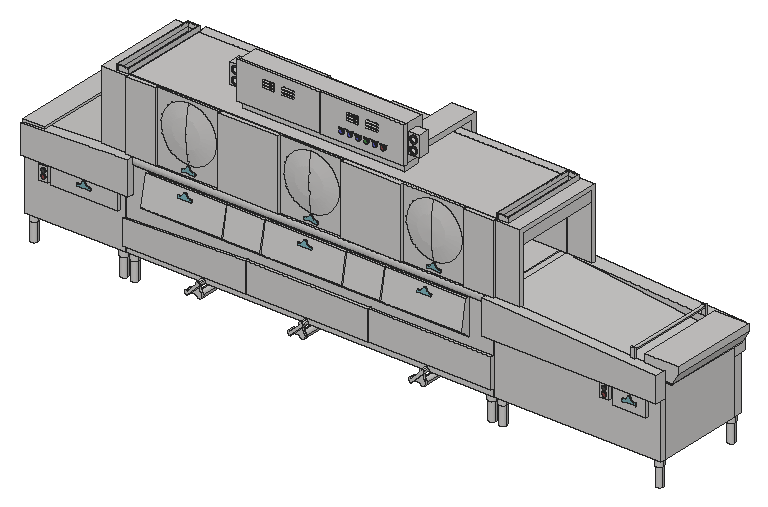
Revit family
Parameters (values of type "480/60/3")
  Weight in Pounds = 0
  Watts = 50000 W
  Waste Water Discharge Temperature [instance] = -459.67 °F
  Volts = 480 V
  Ventilation Remarks [instance] = ""
  Unload Ventilation Remarks [instance] = ""
  Unload Section Width [instance] = if(Custom Unload Width > 5' 0", Custom Unload Width, 5' 0")  # 5' - 0"
  Unload Removable Cover [instance] = yes
  Unload Exhaust Volume = 1000 CFM
  Unload Exhaust Vent Width = 0' - 4"
  Unload Exhaust Vent Depth = 2' - 7 1/4"
  Unload Exhaust Static Press [instance] = 0.00 in-wg
  Unload Exhaust RI Height [instance] = 0' - 0"
  Unload Exhaust Item Number [instance] = "-"
  Unload End Drain [instance] = no
  URL Cutsheet = ""
  URL = "www.stero.com"
  Swing Doors [instance] = no
  Status [instance] = ""
  Standard Doors [instance] = not(Swing Doors)  # yes
  Specification by User [instance] = ""
  Specification by Manufacturer [instance] = ""
  Serial Number [instance] = ""
  Seismic Rating [instance] = ""
  Revision Code [instance] = ""
  Power Wash Width = 3' - 8"
  Power Wash Door [instance] = if(Swing Doors, 3' 0", 1' 10 1/2")  # 1' - 10 1/2"
  Power Scrapper Width = 3' - 8"
  Power Scrapper Door [instance] = if(Swing Doors, 3' 0", 1' 10 1/2")  # 1' - 10 1/2"
  Power Rinse Door [instance] = if(Swing Doors, 3' 0", 1' 10 1/2")  # 1' - 10 1/2"
  Plumbing Remarks [instance] = ""
  Plumbing Connection Type [instance] = ""
  Phase = 3
  ONOFF Switch [instance] = if([30 inch Load], 0' 0", 0' 6")  # 0' - 6"
  Number of Poles [instance] = 3
  No Booster Heater [instance] = not(Booster Heater)  # yes
  NAFEM Spec ID Number [instance] = ""
  Model = "STPCW-ER 132E"
  Masterspec [instance] = ""
  Manufacturer = "Stero"
  Load Section Width [instance] = if([30 inch Load], 2' 6 1/8", if([36 inch Load], 3' 0 1/8", if([48 inch Load], 4' 0 1/8", (Custom Load Width + 0' 0 1/8"))))  # 3' - 0 1/8"
  Load End Drain [instance] = not(Unload End Drain)  # yes
  Item Number [instance] = "-"
  Installed By [instance] = ""
  Indirect Waste Size = 2"
  Indirect Waste Flow [instance] = 0.00 GPM
  Indirect Waste Connection Type [instance] = ""
  Indirect Waste Connection Height = 0' - 7"
  Hot Water Temperature = 140 °F
  Hot Water Size = 1"
  Hot Water RI Height [instance] = 0' - 0"
  Hot Water Minimum Pressure = 20.00 psi
  Hot Water Maximum Pressure = 20.00 psi
  Hot Water Flow [instance] = 0.00 GPM
  Hot Water Consumption = 1.63 GPM
  Hot Water Connection Height = 0' - 6"
  HP = "9"
  Furnished By [instance] = ""
  Foodservice Equipment Identifier [instance] = yes
  Final Rinse Width = 3' - 8"
  Feeder Line 3 = no
  Feeder Line 2 = no
  FL Amps = 77.3 A
  F3 Watts = 0 W
  F3 Volts = 480 V
  F3 Phase = 3
  F3 Number of Poles [instance] = 3
  F3 Item Number [instance] = "-"
  F3 FL Amps = 0 A
  F3 Electrical Remarks [instance] = ""
  F3 Electric Connection Type [instance] = ""
  F3 Elec Conn RI Height [instance] = 0' - 0"
  F3 Elec Conn Connection Height = Elec Conn Connection Height  # 6' - 6"
  F3 Cycle = Cycle  # 60 Hz
  F3 Conn Conduit = yes
  F3 Apparent Power = if(F3 Phase = 3, F3 Volts * F3 FL Amps * 1.73, F3 Volts * F3 FL Amps)  # 0 VA
  F2 Watts = 0 W
  F2 Volts = 480 V
  F2 Phase = 3
  F2 Number of Poles [instance] = 3
  F2 Item Number [instance] = "-"
  F2 FL Amps = 0 A
  F2 Electrical Remarks [instance] = ""
  F2 Electric Connection Type [instance] = ""
  F2 Elec Conn RI Height [instance] = 0' - 0"
  F2 Elec Conn Connection Height = Elec Conn Connection Height  # 6' - 6"
  F2 Cycle = Cycle  # 60 Hz
  F2 Conn Conduit = yes
  F2 Apparent Power = if(F2 Phase = 3, F2 Volts * F2 FL Amps * 1.73, F2 Volts * F2 FL Amps)  # 0 VA
  Exhaust Volume = 500 CFM
  Exhaust Vent Width = 0' - 4"
  Exhaust Vent Depth = 2' - 7 1/4"
  Exhaust Static Press [instance] = 0.00 in-wg
  Exhaust RI Height [instance] = 0' - 0"
  Electrical Remarks [instance] = ""
  Electric Connection Type [instance] = ""
  Elec Conn RI Height [instance] = 0' - 0"
  Elec Conn Connection Height = 6' - 6"
  Description = "Flight Type Dishwasher"
  Depth = 3' - 6"
  Cycle = 60 Hz
  Custom Unload Width [instance] = 5' - 0"
  Custom Load Width [instance] = 4' - 6"
  Conn Conduit = yes
  Cold Water Temperature Recommended [instance] = -459.67 °F
  Cold Water Size [instance] = if(Cold Water Aqua Stat, 0' 0 3/4", 0' 0")  # 0"
  Cold Water RI Height [instance] = 0' - 0"
  Cold Water Minimum Pressure [instance] = 0.00 psi
  Cold Water Maximum Pressure [instance] = 0.00 psi
  Cold Water Flow [instance] = 0.00 GPM
  Cold Water Consumption [instance] = ""
  Cold Water Connection Height [instance] = if(Cold Water Aqua Stat, 0' 6", 0' 0")  # 0' - 0"
  Cold Water Aqua Stat [instance] = no
  CSI MasterFormat = "11 48 13"
  Booster Watts = 24000 W
  Booster Volts = 480 V
  Booster Phase = 3
  Booster Number of Poles [instance] = 3
  Booster Item Number [instance] = "-"
  Booster Heater [instance] = no
  Booster FL Amps = 28.9 A
  Booster Electrical Remarks [instance] = ""
  Booster Electric Connection Type [instance] = ""
  Booster Elec Conn RI Height [instance] = 0' - 0"
  Booster Elec Conn Connection Height = 0' - 11"
  Booster Cycle = 60 Hz
  Booster Conn Conduit = yes
  Booster Apparent Power = if(Booster Phase = 3, Booster Volts * Booster FL Amps * 1.73, Booster Volts * Booster FL Amps)  # 23998.6 VA
  Boosted Plumbing Remarks [instance] = ""
  Boosted Hot Water Temperature = 180 °F
  Boosted Hot Water Size = 3/4"
  Boosted Hot Water RI Height [instance] = 0' - 0"
  Boosted Hot Water Minimum Pressure = 20.00 psi
  Boosted Hot Water Maximum Pressure = 20.00 psi
  Boosted Hot Water Flow [instance] = 0.00 GPM
  Boosted Hot Water Consumption = 1.63 GPM
  Boosted Hot Water Connection Height = 0' - 6"
  Boosted HW Item Number [instance] = "-"
  Assembly Code = "E1090320"
  Apparent Power = if(Phase = 3, Volts * FL Amps * 1.73, Volts * FL Amps)  # 64189.9 VA
  48 inch Load [instance] = no
  36 inch Load [instance] = yes
  30 inch Load [instance] = no
Reference planes (in)
  plane 1 "BACK": y = 0
  plane 2: z = 0
  plane 3 "LEFT": x = -21.27862
  plane 4 "RIGHT": x = 110.72138
  plane 5 "FRONT": y = -42
  plane 6 "Right of Power Scrapper": x = 22.72138
  plane 7 "Right of Power Wash": x = 66.72138
  plane 8 "Load Vent": x = -30.27862
  plane 9 "Unload Vent": x = 119.72138
  plane 10 "Top of Machine": z = 65.5
  plane 11 "Table Height": z = 34
  plane 12 "Bottom of Machine": z = 9
  plane 13 "Middle of Machine": z = 40.625
  plane 14 "Left of Bottom": x = -18.77862
  plane 15 "Right of Bottom": x = 108.22138
  plane 16: z = 38.125
  plane 17: z = 37.75
  plane 18: z = 24.5
  plane 19: z = 22.25
  plane 20: z = 11.5
  plane 21 "Back of Main Body": y = -3
  plane 22 "Front of Main Body": y = -39
  plane 23: x = 0.72138
  plane 24: x = 44.72138
  plane 25: x = 88.72138
  plane 26: x = 33.47138
  plane 27: x = 55.97138
  plane 28: x = 77.47138
  plane 29: x = 99.97138
  plane 30 "Front of Inside": y = -37.25
  plane 31 "Back of Inside": y = -6
  plane 32: x = 23.22138
  plane 33: x = 45.72138
  plane 34: x = -13.27862
  plane 35: x = 15.72138
  plane 36: x = 29.72138
  plane 37: x = 58.72138
  plane 38: x = 15.97138
  plane 39: x = 29.47138
  plane 40: x = 58.97138
  plane 41: x = 22.59638
  plane 42: x = 22.84638
  plane 43: x = 66.59638
  plane 44: x = 66.84638
  plane 45: z = 60.25
  plane 46: z = 67.25
  plane 47: x = -21.40362
  plane 48: x = -25.40362
  plane 49: x = 114.84638
  plane 50: x = 110.84638
  plane 51: x = -57.40362
  plane 52: x = -59.90362
  plane 53: x = -58.40362
  plane 54: x = -49.40362
  plane 55: z = 28.5
  plane 56: z = 28
  plane 57: z = 22
  plane 58: x = -47.40362
  plane 59: x = -23.40362
  plane 60: x = -48.40362
  plane 61: x = -51.40362
  plane 62: x = 170.72138
  plane 63: x = 171.72138
  plane 64: x = 173.22138
  plane 65: x = 175.72138
  plane 66: x = 163.72138
  plane 67: x = 159.72138
  plane 68: x = 166.22138
  plane 69: x = 154.22138
  plane 70: x = 152.72138
  plane 71: x = 149.72138
  plane 72: y = -32.5
  plane 73: y = -26.5
  plane 74: x = 15.72138
  plane 75: x = 73.72138
  plane 76: z = 68.5
  plane 77: z = 71.375
  plane 78: z = 78.625
  plane 79: z = 81.5
  plane 80: x = 44.72138
  plane 81: x = 44.59638
  plane 82: x = 44.84638
  plane 83: x = 14.72138
  plane 84: x = 74.72138
  plane 85: x = 78.72138
  plane 86: x = 10.72138
  plane 87 "Back of Elec Box": y = -26
  plane 88: y = -33
  plane 89 "Front of Panel": y = -34
  plane 90: z = 68.25
  plane 91: z = 81.25
  plane 92: x = 14.97138
  plane 93 "Right of Control Box": x = 74.47138
  plane 94 "Front of LR Panels": y = -32.25
  plane 95: y = -28.25
  plane 96 "Drain": z = 7
  plane 97 "Left Drain": x = -39.90362
  plane 98 "Right Drain": x = 163.72138
  plane 99 "Drain CL": y = -20.25
  plane 100 "Utilities": z = 6
  plane 101 "Cold Water": x = -31.27862
  plane 102 "Utility to Machine": y = -16.75
  plane 103 "Utilities Point of Connection": y = -8.5
  plane 104 "Building Hot Water": x = 146.72138
  plane 105: x = 33.72138
  plane 106: x = 44.65888
  plane 107: x = 44.78388
  plane 108: x = 55.72138
  plane 109: x = 46.15888
  plane 110: x = 43.28388
  plane 111: x = 77.72138
  plane 112: x = 88.65888
  plane 113: x = 88.78388
  plane 114: x = 99.72138
  plane 115: x = 90.15888
  plane 116: x = 87.28388
  plane 117 "Standard Door Clearance": z = 93.5
  plane 118: x = 134.72138
  plane 119: x = -10.52862
  plane 120: x = 11.97138
  plane 121: x = -10.27862
  plane 122: x = 0.65888
  plane 123: x = 0.78388
  plane 124: x = 11.72138
  plane 125: x = 2.15888
  plane 126: x = -0.71612
  plane 127: x = 15.97138
  plane 128: x = 72.72138
  plane 129: x = 101.72138
  plane 130: x = 72.47138
Forms (in)
  Extrusion 1, solid, material "QF_Finishes_Stainless Steel"
    sketch origin (0, -39, 0) x (1, 0, 0) y (0, 0, 1)
      loop
        line (-21.27862, 9) -> (110.72138, 9) -> (110.72138, 28.5) -> (108.22138, 28.5) -> (108.22138, 38.125) -> (-18.77862, 38.125) -> (-18.77862, 28.5) -> (-21.27862, 28.5) -> (-21.27862, 9)
    from 0 to -36
  Extrusion 2, solid, material "QF_Finishes_Stainless Steel"
    sketch origin (-18.77862, 0, 0) x (0, 1, 0) y (0, 0, 1)
      loop
        line (-3, 40.625) -> (-39, 40.625)
        arc (-39, 40.625) -> (-39.43875, 39.375) -> (-39, 38.125) r 2
        line (-39, 38.125) -> (-3, 38.125) -> (-3, 40.625)
    from 0 to 127
  Extrusion 3, solid, material "QF_Finishes_Stainless Steel"
    sketch origin (0, 0, 65.5) x (0, 1, 0) y (-1, 0, 0)
      loop
        line (-37.25, 21.27862) -> (-39, 21.27862) -> (-39, 10.52862) -> (-37.25, 10.52862) -> (-37.25, 21.27862)
    from 0 to -24.875
  Extrusion 4, solid, material "QF_Finishes_Stainless Steel"
    sketch origin (0, 0, 65.5) x (0, 1, 0) y (-1, 0, 0)
      loop
        line (-37.25, -11.97138) -> (-39, -11.97138) -> (-39, -33.47138) -> (-37.25, -33.47138) -> (-37.25, -11.97138)
    from 0 to -24.875
  Extrusion 5, solid, material "QF_Finishes_Stainless Steel"
    sketch origin (0, 0, 65.5) x (0, 1, 0) y (-1, 0, 0)
      loop
        line (-37.25, -55.97138) -> (-39, -55.97138) -> (-39, -77.47138) -> (-37.25, -77.47138) -> (-37.25, -55.97138)
    from 0 to -24.875
  Extrusion 6, solid, material "QF_Finishes_Stainless Steel"
    sketch origin (0, 0, 65.5) x (0, 1, 0) y (-1, 0, 0)
      loop
        line (-37.25, -99.97138) -> (-39, -99.97138) -> (-39, -110.72138) -> (-37.25, -110.72138) -> (-37.25, -99.97138)
    from 0 to -24.875
  Extrusion 7, solid, material "QF_Finishes_Stainless Steel"
    sketch origin (0, 0, 65.5) x (0, 1, 0) y (-1, 0, 0)
      loop
        line (-3, 21.27862) -> (-6, 21.27862) -> (-6, -23.22138) -> (-3, -23.22138) -> (-3, 21.27862)
    from 0 to -24.875
  Extrusion 8, solid, material "QF_Finishes_Stainless Steel"
    sketch origin (0, 0, 65.5) x (0, 1, 0) y (-1, 0, 0)
      loop
        line (-3, -45.72138) -> (-6, -45.72138) -> (-6, -110.72138) -> (-3, -110.72138) -> (-3, -45.72138)
    from 0 to -24.875
  Extrusion 9, solid, material "QF_Finishes_Stainless Steel"
    sketch origin (0, 0, 65.5) x (0, 1, 0) y (-1, 0, 0)
      loop
        line (-37.25, -33.47138) -> (-38.25, -33.47138) -> (-38.25, -55.97138) -> (-37.25, -55.97138) -> (-37.25, -33.47138)
    from 0 to -24.875
  Extrusion 10, solid, material "QF_Finishes_Stainless Steel"
    sketch origin (0, 0, 65.5) x (0, 1, 0) y (-1, 0, 0)
      loop
        line (-37.25, -77.47138) -> (-38.25, -77.47138) -> (-38.25, -99.97138) -> (-37.25, -99.97138) -> (-37.25, -77.47138)
    from 0 to -24.875
  Extrusion 11, solid, material "QF_Finishes_Stainless Steel"
    sketch origin (0, 0, 65.5) x (0, 1, 0) y (-1, 0, 0)
      loop
        line (-4, -23.22138) -> (-6, -23.22138) -> (-6, -45.72138) -> (-4, -45.72138) -> (-4, -23.22138)
    from 0 to -24.875
  Revolve 12, solid, material "QF_Finishes_Stainless Steel", visible <- "Standard Doors"
    sketch origin (44.72138, 87.64484, 48) x (0, 1, 0) y (0, 0, 1)
      loop
        line (-125.89484, 6.49826) -> (-125.89484, 16.49826)
        arc (-125.89484, 16.49826) -> (-126.65727, 11.52451) -> (-126.89484, 6.49826) r 48
        line (-126.89484, 6.49826) -> (-125.89484, 6.49826)
      axis (-125.89484, 6.49826) -> (-126.89484, 6.49826)
    angle from 0 to 360
  Revolve 13, solid, material "QF_Finishes_Stainless Steel", visible <- "Standard Doors"
    sketch origin (88.72138, 53.39484, 48) x (0, 1, 0) y (0, 0, 1)
      loop
        line (-91.64484, 6.49826) -> (-91.64484, 16.49826)
        arc (-91.64484, 16.49826) -> (-92.40727, 11.52451) -> (-92.64484, 6.49826) r 48
        line (-92.64484, 6.49826) -> (-91.64484, 6.49826)
      axis (-91.64484, 6.49826) -> (-92.64484, 6.49826)
    angle from 0 to 360
  Revolve 14, solid, material "QF_Finishes_Stainless Steel", visible <- "Standard Doors"
    sketch origin (34.47138, -129.89484, 48) x (0, -1, 0) y (0, 0, -1)
      loop
        line (-125.89484, -6.49826) -> (-126.89484, -6.49826)
        arc (-126.89484, -6.49826) -> (-126.65727, -11.52451) -> (-125.89484, -16.49826) r 48
        line (-125.89484, -16.49826) -> (-125.89484, -6.49826)
      axis (-125.89484, -6.49826) -> (-126.89484, -6.49826)
    angle from 0 to 360
  Extrusion 15, solid, material "QF_Finishes_Stainless Steel"
    sketch origin (-18.77862, 0, 0) x (0, 1, 0) y (0, 0, 1)
      loop
        line (-39, 37.75) -> (-40, 37.75) -> (-42, 27.5) -> (-39, 25.1875) -> (-39, 37.75)
    from 5.5 to 34.5
  Extrusion 16, solid, material "QF_Finishes_Stainless Steel"
    sketch origin (10.47138, 0, 0) x (0, 1, 0) y (0, 0, 1)
      loop
        line (-39, 37.75) -> (-40, 37.75) -> (-42, 27.5) -> (-39, 25.1875) -> (-39, 37.75)
    from 5.5 to 19
  Extrusion 17, solid, material "QF_Finishes_Stainless Steel"
    sketch origin (15.22138, 0, 0) x (0, 1, 0) y (0, 0, 1)
      loop
        line (-39, 37.75) -> (-40, 37.75) -> (-42, 27.5) -> (-39, 25.1875) -> (-39, 37.75)
    from 14.5 to 43.5
  Extrusion 18, solid, material "QF_Finishes_Stainless Steel"
    sketch origin (39.47138, 0, 0) x (0, 1, 0) y (0, 0, 1)
      loop
        line (-39, 37.75) -> (-40, 37.75) -> (-42, 27.5) -> (-39, 25.1875) -> (-39, 37.75)
    from 19.5 to 33
  Extrusion 19, solid, material "QF_Finishes_Stainless Steel"
    sketch origin (44.47138, 0, 0) x (0, 1, 0) y (0, 0, 1)
      loop
        line (-39, 37.75) -> (-40, 37.75) -> (-42, 27.5) -> (-39, 25.1875) -> (-39, 37.75)
    from 28.25 to 57.25
  Extrusion 20, solid, material "QF_Finishes_Stainless Steel"
    sketch origin (0, -39, 0) x (1, 0, 0) y (0, 0, 1)
      loop
        line (-21.27862, 11.5) -> (22.59638, 11.5) -> (22.59638, 22.25) -> (-21.27862, 20.375) -> (-21.27862, 11.5)
    from 0 to 1
  Extrusion 21, solid, material "QF_Finishes_Stainless Steel"
    sketch origin (0, -39, 0) x (1, 0, 0) y (0, 0, 1)
      loop
        line (22.84638, 22.25) -> (22.84638, 11.5) -> (66.59638, 11.5) -> (66.59638, 22.25) -> (22.84638, 22.25)
    from 0 to 1
  Extrusion 22, solid, material "QF_Finishes_Stainless Steel"
    sketch origin (0, -39, 0) x (1, 0, 0) y (0, 0, 1)
      loop
        line (66.84638, 22.25) -> (66.84638, 11.5) -> (110.72138, 11.5) -> (110.72138, 22.25) -> (66.84638, 22.25)
    from 0 to 1
  Extrusion 23, solid, material "QF_Finishes_Stainless Steel"
    sketch origin (0, 0, 65.5) x (0, 1, 0) y (-1, 0, 0)
      loop
        line (-6, 21.27862) -> (-37.25, 21.27862) -> (-37.25, -110.72138) -> (-6, -110.72138) -> (-6, 21.27862)
    from 0 to -5.25
  Extrusion 24, solid, material "QF_Finishes_Stainless Steel"
    sketch origin (-21.27862, 0, 0) x (0, 1, 0) y (0, 0, 1)
      loop
        line (-5, 65.5) -> (-38.25, 65.5) -> (-38.25, 40.625) -> (-37.25, 40.625) -> (-37.25, 64.125) -> (-6, 64.125) -> (-6, 40.625) -> (-5, 40.625) -> (-5, 65.5)
    from 0 to -9
  Extrusion 25, solid, material "QF_Finishes_Stainless Steel"
    sketch origin (0, 0, 65.5) x (0, 1, 0) y (-1, 0, 0)
      loop
        line (-6, 25.40362) -> (-37.25, 25.40362) -> (-37.25, 21.40362) -> (-6, 21.40362) -> (-6, 25.40362)
      loop
        line (-5.875, 25.52862) -> (-37.375, 25.52862) -> (-37.375, 21.27862) -> (-5.875, 21.27862) -> (-5.875, 25.52862)
    from 0 to 1.75
  Extrusion 26, solid, material "QF_Finishes_Stainless Steel"
    sketch origin (-30.27862, 0, 0) x (0, 1, 0) y (0, 0, 1)
      loop
        line (-6, 64.125) -> (-37.25, 64.125) -> (-37.25, 60.25) -> (-6, 60.25) -> (-6, 64.125)
    from 0 to 1
  Extrusion 27, void
    sketch origin (0, 0, 65.5) x (0, 1, 0) y (-1, 0, 0)
      loop
        line (-6, 25.40362) -> (-37.25, 25.40362) -> (-37.25, 21.40362) -> (-6, 21.40362) -> (-6, 25.40362)
    from 0 to -1.375
  Extrusion 28, solid, material "QF_Finishes_Stainless Steel"
    sketch origin (110.72138, 0, 0) x (0, 1, 0) y (0, 0, 1)
      loop
        line (-5, 40.625) -> (-5, 65.5) -> (-38.25, 65.5) -> (-38.25, 40.625) -> (-37.25, 40.625) -> (-37.25, 64.125) -> (-6, 64.125) -> (-6, 40.625) -> (-5, 40.625)
    from 0 to 9
  Extrusion 29, solid, material "QF_Finishes_Stainless Steel"
    sketch origin (53.44275, 0, 65.5) x (0, 1, 0) y (-1, 0, 0)
      loop
        line (-6, -61.40362) -> (-6, -57.40362) -> (-37.25, -57.40362) -> (-37.25, -61.40362) -> (-6, -61.40362)
      loop
        line (-5.875, -61.52862) -> (-5.875, -57.27862) -> (-37.375, -57.27862) -> (-37.375, -61.52862) -> (-5.875, -61.52862)
    from 0 to 1.75
  Extrusion 30, solid, material "QF_Finishes_Stainless Steel"
    sketch origin (119.72138, 0, 0) x (0, 1, 0) y (0, 0, 1)
      loop
        line (-6, 64.125) -> (-37.25, 64.125) -> (-37.25, 60.25) -> (-6, 60.25) -> (-6, 64.125)
    from 0 to -1
  Extrusion 31, void
    sketch origin (0, 0, 65.5) x (0, 1, 0) y (-1, 0, 0)
      loop
        line (-37.25, -114.84638) -> (-6, -114.84638) -> (-6, -110.84638) -> (-37.25, -110.84638) -> (-37.25, -114.84638)
    from 0 to -1.375
  Extrusion 32, solid, material "QF_Finishes_Light Blue", visible <- "Standard Doors"
    sketch origin (4.39366, -38.75, 10.99826) x (-1, 0, 0) y (0, 0, 1)
      loop
        line (-39.71645, 30.65632) -> (-38.08461, 30.57309)
        arc (-38.08461, 30.57309) -> (-37.90443, 30.64773) -> (-37.82979, 30.82792) r 0.25483
        line (-37.82979, 30.82792) -> (-37.82979, 31.31285)
        arc (-37.82979, 31.31285) -> (-37.90343, 31.49062) -> (-38.08121, 31.56426) r 0.25142
        arc (-38.08121, 31.56426) -> (-39.22593, 31.7803) -> (-39.90311, 32.72819) r 1.56264
        arc (-39.90311, 32.72819) -> (-40.31726, 33.06213) -> (-40.74741, 32.74907) r 0.43733
        arc (-40.74741, 32.74907) -> (-41.42049, 31.78611) -> (-42.57423, 31.56426) r 1.56264
        arc (-42.57423, 31.56426) -> (-42.75201, 31.49062) -> (-42.82565, 31.31285) r 0.25142
        line (-42.82565, 31.31285) -> (-42.82565, 30.82792)
        arc (-42.82565, 30.82792) -> (-42.75101, 30.64773) -> (-42.57082, 30.57309) r 0.25483
        line (-42.57082, 30.57309) -> (-40.93898, 30.65632)
        arc (-40.93898, 30.65632) -> (-40.32772, 30.6719) -> (-39.71645, 30.65632) r 12
    from 0.5 to 0.4375
  Extrusion 33, solid, material "QF_Finishes_Light Blue"
    sketch origin (45.64366, -47.17361, 4.34597) x (-1, 0, 0) y (0, 0.195946, 0.980615)
      loop
        line (-40.97691, 30.65632) -> (-39.34507, 30.57309)
        arc (-39.34507, 30.57309) -> (-39.16488, 30.64773) -> (-39.09025, 30.82792) r 0.25483
        line (-39.09025, 30.82792) -> (-39.09025, 31.31285)
        arc (-39.09025, 31.31285) -> (-39.16389, 31.49062) -> (-39.34166, 31.56426) r 0.25142
        arc (-39.34166, 31.56426) -> (-40.48639, 31.7803) -> (-41.16357, 32.72819) r 1.56264
        arc (-41.16357, 32.72819) -> (-41.57772, 33.06213) -> (-42.00787, 32.74907) r 0.43733
        arc (-42.00787, 32.74907) -> (-42.68095, 31.78611) -> (-43.83469, 31.56426) r 1.56264
        arc (-43.83469, 31.56426) -> (-44.01247, 31.49062) -> (-44.08611, 31.31285) r 0.25142
        line (-44.08611, 31.31285) -> (-44.08611, 30.82792)
        arc (-44.08611, 30.82792) -> (-44.01147, 30.64773) -> (-43.83128, 30.57309) r 0.25483
        line (-43.83128, 30.57309) -> (-42.19944, 30.65632)
        arc (-42.19944, 30.65632) -> (-41.58818, 30.6719) -> (-40.97691, 30.65632) r 12
      loop
        line (2.0339, 30.65632) -> (3.66574, 30.57309)
        arc (3.66574, 30.57309) -> (3.84592, 30.64773) -> (3.92056, 30.82792) r 0.25483
        line (3.92056, 30.82792) -> (3.92056, 31.31285)
        arc (3.92056, 31.31285) -> (3.84692, 31.49062) -> (3.66915, 31.56426) r 0.25142
        arc (3.66915, 31.56426) -> (2.52442, 31.7803) -> (1.84724, 32.72819) r 1.56264
        arc (1.84724, 32.72819) -> (1.43309, 33.06213) -> (1.00294, 32.74907) r 0.43733
        arc (1.00294, 32.74907) -> (0.32986, 31.78611) -> (-0.82388, 31.56426) r 1.56264
        arc (-0.82388, 31.56426) -> (-1.00166, 31.49062) -> (-1.0753, 31.31285) r 0.25142
        line (-1.0753, 31.31285) -> (-1.0753, 30.82792)
        arc (-1.0753, 30.82792) -> (-1.00066, 30.64773) -> (-0.82047, 30.57309) r 0.25483
        line (-0.82047, 30.57309) -> (0.81137, 30.65632)
        arc (0.81137, 30.65632) -> (1.42263, 30.6719) -> (2.0339, 30.65632) r 12
      loop
        line (45.02309, 30.65632) -> (46.65493, 30.57309)
        arc (46.65493, 30.57309) -> (46.83512, 30.64773) -> (46.90975, 30.82792) r 0.25483
        line (46.90975, 30.82792) -> (46.90975, 31.31285)
        arc (46.90975, 31.31285) -> (46.83611, 31.49062) -> (46.65834, 31.56426) r 0.25142
        arc (46.65834, 31.56426) -> (45.51361, 31.7803) -> (44.83643, 32.72819) r 1.56264
        arc (44.83643, 32.72819) -> (44.42228, 33.06213) -> (43.99213, 32.74907) r 0.43733
        arc (43.99213, 32.74907) -> (43.31905, 31.78611) -> (42.16531, 31.56426) r 1.56264
        arc (42.16531, 31.56426) -> (41.98753, 31.49062) -> (41.91389, 31.31285) r 0.25142
        line (41.91389, 31.31285) -> (41.91389, 30.82792)
        arc (41.91389, 30.82792) -> (41.98853, 30.64773) -> (42.16872, 30.57309) r 0.25483
        line (42.16872, 30.57309) -> (43.80056, 30.65632)
        arc (43.80056, 30.65632) -> (44.41182, 30.6719) -> (45.02309, 30.65632) r 12
    from 0.5 to 0.4375
  Extrusion 34, solid, material "QF_Finishes_Stainless Steel", not visible
    sketch origin (-23.77862, 0, 0) x (0, 1, 0) y (0, 0, 1)
      loop
        line (-39, 37.75) -> (-40, 37.75) -> (-42, 27.5) -> (-39, 25.1875) -> (-39, 37.75)
    from 5.5 to 34.5
  Extrusion 35, solid, material "QF_Finishes_Stainless Steel", not visible
    sketch origin (5.47138, 0, 0) x (0, 1, 0) y (0, 0, 1)
      loop
        line (-39, 37.75) -> (-40, 37.75) -> (-42, 27.5) -> (-39, 25.1875) -> (-39, 37.75)
    from 5.5 to 19
  Extrusion 36, solid, material "QF_Finishes_Stainless Steel", not visible
    sketch origin (10.22138, 0, 0) x (0, 1, 0) y (0, 0, 1)
      loop
        line (-39, 37.75) -> (-40, 37.75) -> (-42, 27.5) -> (-39, 25.1875) -> (-39, 37.75)
    from 14.5 to 43.5
  Extrusion 37, solid, material "QF_Finishes_Stainless Steel", not visible
    sketch origin (34.47138, 0, 0) x (0, 1, 0) y (0, 0, 1)
      loop
        line (-39, 37.75) -> (-40, 37.75) -> (-42, 27.5) -> (-39, 25.1875) -> (-39, 37.75)
    from 19.5 to 33
  Extrusion 38, solid, material "QF_Finishes_Stainless Steel", not visible
    sketch origin (39.47138, 0, 0) x (0, 1, 0) y (0, 0, 1)
      loop
        line (-39, 37.75) -> (-40, 37.75) -> (-42, 27.5) -> (-39, 25.1875) -> (-39, 37.75)
    from 28.25 to 57.25
  Extrusion 39, solid, material "QF_Finishes_Light Blue", not visible
    sketch origin (40.64366, -47.17361, 4.34597) x (-1, 0, 0) y (0, 0.195946, 0.980615)
      loop
        line (-40.97691, 30.65632) -> (-39.34507, 30.57309)
        arc (-39.34507, 30.57309) -> (-39.16488, 30.64773) -> (-39.09025, 30.82792) r 0.25483
        line (-39.09025, 30.82792) -> (-39.09025, 31.31285)
        arc (-39.09025, 31.31285) -> (-39.16389, 31.49062) -> (-39.34166, 31.56426) r 0.25142
        arc (-39.34166, 31.56426) -> (-40.48639, 31.7803) -> (-41.16357, 32.72819) r 1.56264
        arc (-41.16357, 32.72819) -> (-41.57772, 33.06213) -> (-42.00787, 32.74907) r 0.43733
        arc (-42.00787, 32.74907) -> (-42.68095, 31.78611) -> (-43.83469, 31.56426) r 1.56264
        arc (-43.83469, 31.56426) -> (-44.01247, 31.49062) -> (-44.08611, 31.31285) r 0.25142
        line (-44.08611, 31.31285) -> (-44.08611, 30.82792)
        arc (-44.08611, 30.82792) -> (-44.01147, 30.64773) -> (-43.83128, 30.57309) r 0.25483
        line (-43.83128, 30.57309) -> (-42.19944, 30.65632)
        arc (-42.19944, 30.65632) -> (-41.58818, 30.6719) -> (-40.97691, 30.65632) r 12
      loop
        line (2.0339, 30.65632) -> (3.66574, 30.57309)
        arc (3.66574, 30.57309) -> (3.84592, 30.64773) -> (3.92056, 30.82792) r 0.25483
        line (3.92056, 30.82792) -> (3.92056, 31.31285)
        arc (3.92056, 31.31285) -> (3.84692, 31.49062) -> (3.66915, 31.56426) r 0.25142
        arc (3.66915, 31.56426) -> (2.52442, 31.7803) -> (1.84724, 32.72819) r 1.56264
        arc (1.84724, 32.72819) -> (1.43309, 33.06213) -> (1.00294, 32.74907) r 0.43733
        arc (1.00294, 32.74907) -> (0.32986, 31.78611) -> (-0.82388, 31.56426) r 1.56264
        arc (-0.82388, 31.56426) -> (-1.00166, 31.49062) -> (-1.0753, 31.31285) r 0.25142
        line (-1.0753, 31.31285) -> (-1.0753, 30.82792)
        arc (-1.0753, 30.82792) -> (-1.00066, 30.64773) -> (-0.82047, 30.57309) r 0.25483
        line (-0.82047, 30.57309) -> (0.81137, 30.65632)
        arc (0.81137, 30.65632) -> (1.42263, 30.6719) -> (2.0339, 30.65632) r 12
      loop
        line (45.02309, 30.65632) -> (46.65493, 30.57309)
        arc (46.65493, 30.57309) -> (46.83512, 30.64773) -> (46.90975, 30.82792) r 0.25483
        line (46.90975, 30.82792) -> (46.90975, 31.31285)
        arc (46.90975, 31.31285) -> (46.83611, 31.49062) -> (46.65834, 31.56426) r 0.25142
        arc (46.65834, 31.56426) -> (45.51361, 31.7803) -> (44.83643, 32.72819) r 1.56264
        arc (44.83643, 32.72819) -> (44.42228, 33.06213) -> (43.99213, 32.74907) r 0.43733
        arc (43.99213, 32.74907) -> (43.31905, 31.78611) -> (42.16531, 31.56426) r 1.56264
        arc (42.16531, 31.56426) -> (41.98753, 31.49062) -> (41.91389, 31.31285) r 0.25142
        line (41.91389, 31.31285) -> (41.91389, 30.82792)
        arc (41.91389, 30.82792) -> (41.98853, 30.64773) -> (42.16872, 30.57309) r 0.25483
        line (42.16872, 30.57309) -> (43.80056, 30.65632)
        arc (43.80056, 30.65632) -> (44.41182, 30.6719) -> (45.02309, 30.65632) r 12
    from 0.5 to 0.4375
  Extrusion 40, solid, material "QF_Finishes_Stainless Steel"
    sketch origin (0, -37.25, 0) x (1, 0, 0) y (0, 0, 1)
      loop
        line (-57.40362, 28.5) -> (-18.77862, 28.5) -> (-18.77862, 40.625) -> (-57.40362, 38.75) -> (-57.40362, 28.5)
    from 0 to 3.75
  Extrusion 41, solid, material "QF_Finishes_Stainless Steel"
    sketch origin (0, -6, 0) x (1, 0, 0) y (0, 0, 1)
      loop
        line (-57.40362, 28.5) -> (-18.77862, 28.5) -> (-18.77862, 40.625) -> (-57.40362, 38.75) -> (-57.40362, 28.5)
    from 0 to -4.5
  Extrusion 42, solid, material "QF_Finishes_Stainless Steel"
    sketch origin (0, -6, 0) x (1, 0, 0) y (0, 0, 1)
      loop
        line (-57.40362, 34) -> (-59.90362, 34) -> (-59.90362, 33.875) -> (-57.40362, 33.875) -> (-57.40362, 34)
    from 0 to 31.25
  Extrusion 43, solid, material "QF_Finishes_Stainless Steel"
    sketch origin (0, -6, 0) x (1, 0, 0) y (0, 0, 1)
      loop
        line (-57.40362, 33.875) -> (-58.40362, 33.875) -> (-58.40362, 32.5) -> (-57.40362, 32.5) -> (-57.40362, 33.875)
    from 3.5 to 29.25
  Extrusion 44, solid, material "QF_Finishes_Stainless Steel"
    sketch origin (0, -6, 0) x (1, 0, 0) y (0, 0, 1)
      loop
        line (-57.40362, 32) -> (-58.40362, 32) -> (-58.40362, 28) -> (-57.40362, 28) -> (-57.40362, 32)
    from 3.5 to 29.25
  Extrusion 45, solid, material "QF_Finishes_Stainless Steel"
    sketch origin (0, -6, 0) x (1, 0, 0) y (0, 0, 1)
      loop
        line (-18.77862, 40.625) -> (-21.27862, 40.625) -> (-57.40362, 34) -> (-57.40362, 9) -> (-21.27862, 9) -> (-21.27862, 28.5) -> (-18.77862, 28.5) -> (-18.77862, 40.625)
    from 0 to 31.25
  Extrusion 46, solid, material "QF_Finishes_Stainless Steel"
    sketch origin (0, -6, 0) x (1, 0, 0) y (0, 0, 1)
      loop
        line (-57.40362, 38.75) -> (-49.40362, 39.13835) -> (-49.40362, 39.88923) -> (-57.40362, 39.50088) -> (-57.40362, 38.75)
    from -2.625 to 33.875
  Extrusion 47, solid, material "QF_Finishes_Stainless Steel"
    sketch origin (0, -37.25, 0) x (1, 0, 0) y (0, 0, 1)
      loop
        line (-57.40362, 9) -> (-21.27862, 9) -> (-21.27862, 28.5) -> (-57.40362, 28.5) -> (-57.40362, 9)
    from 0 to 1.75
  Extrusion 48, solid, material "QF_Finishes_Stainless Steel"
    sketch origin (0, -6, 0) x (1, 0, 0) y (0, 0, 1)
      loop
        line (-57.40362, 28.5) -> (-57.40362, 9) -> (-21.27862, 9) -> (-21.27862, 28.5) -> (-57.40362, 28.5)
    from 0 to -3
  Extrusion 49, solid, material "QF_Finishes_Stainless Steel"
    sketch origin (0, -37.25, 0) x (1, 0, 0) y (0, 0, 1)
      loop
        line (-47.40362, 28) -> (-47.40362, 22) -> (-23.40362, 22) -> (-23.40362, 28) -> (-47.40362, 28)
    from 1.75 to 2.75
  Extrusion 50, solid, material "QF_Finishes_Light Blue"
    sketch origin (-63.60634, -40.5, -5.56213) x (-1, 0, 0) y (0, 0, 1)
      loop
        line (-27.5911, 30.65632) -> (-25.95926, 30.57309)
        arc (-25.95926, 30.57309) -> (-25.77908, 30.64773) -> (-25.70444, 30.82792) r 0.25483
        line (-25.70444, 30.82792) -> (-25.70444, 31.31285)
        arc (-25.70444, 31.31285) -> (-25.77808, 31.49062) -> (-25.95585, 31.56426) r 0.25142
        arc (-25.95585, 31.56426) -> (-27.10058, 31.7803) -> (-27.77776, 32.72819) r 1.56264
        arc (-27.77776, 32.72819) -> (-28.19191, 33.06213) -> (-28.62206, 32.74907) r 0.43733
        arc (-28.62206, 32.74907) -> (-29.29514, 31.78611) -> (-30.44888, 31.56426) r 1.56264
        arc (-30.44888, 31.56426) -> (-30.62666, 31.49062) -> (-30.7003, 31.31285) r 0.25142
        line (-30.7003, 31.31285) -> (-30.7003, 30.82792)
        arc (-30.7003, 30.82792) -> (-30.62566, 30.64773) -> (-30.44547, 30.57309) r 0.25483
        line (-30.44547, 30.57309) -> (-28.81363, 30.65632)
        arc (-28.81363, 30.65632) -> (-28.20237, 30.6719) -> (-27.5911, 30.65632) r 12
    from 0.5 to 0.4375
  Extrusion 51, solid, material "QF_Finishes_Stainless Steel"
    sketch origin (0, -37.25, 0) x (1, 0, 0) y (0, 0, 1)
      loop
        line (-48.40362, 22.25) -> (-48.40362, 27.25) -> (-51.40362, 27.25) -> (-51.40362, 22.25) -> (-48.40362, 22.25)
    from 1.75 to 2.75
  Extrusion 52, solid, material "QF_Finishes_Black"
    sketch origin (0, -37.25, 0) x (1, 0, 0) y (0, 0, 1)
      loop
        circle (-49.90362, 25.75) r 0.75
    from 2.75 to 2.8125
  Extrusion 53, solid, material "QF_Finishes_LED Red"
    sketch origin (0, -37.25, -2) x (1, 0, 0) y (0, 0, 1)
      loop
        circle (-49.90362, 25.75) r 0.75
    from 2.75 to 2.8125
  Extrusion 54, solid, material "QF_Finishes_Stainless Steel"
    sketch origin (101.31775, -37.25, 0) x (-1, 0, 0) y (0, 0, -1)
      loop
        line (-69.40362, -28.5) -> (-69.40362, -37.5) -> (-6.90362, -40.625) -> (-6.90362, -28.5) -> (-69.40362, -28.5)
    from 0 to 3.75
  Extrusion 55, solid, material "QF_Finishes_Stainless Steel"
    sketch origin (101.31775, -6, 0) x (-1, 0, 0) y (0, 0, -1)
      loop
        line (-69.40362, -28.5) -> (-69.40362, -37.5) -> (-6.90362, -40.625) -> (-6.90362, -28.5) -> (-69.40362, -28.5)
    from 0 to -4.5
  Extrusion 56, solid, material "QF_Finishes_Stainless Steel"
    sketch origin (101.31775, -6, 0) x (-1, 0, 0) y (0, 0, -1)
      loop
        line (-69.40362, -34) -> (-69.40362, -33.875) -> (-71.90362, -33.875) -> (-71.90362, -34) -> (-69.40362, -34)
    from 0 to 31.25
  Extrusion 57, solid, material "QF_Finishes_Stainless Steel"
    sketch origin (101.31775, -6, 0) x (-1, 0, 0) y (0, 0, -1)
      loop
        line (-69.40362, -33.875) -> (-69.40362, -32.5) -> (-70.40362, -32.5) -> (-70.40362, -33.875) -> (-69.40362, -33.875)
    from 3.5 to 29.25
  Extrusion 58, solid, material "QF_Finishes_Stainless Steel"
    sketch origin (101.31775, -6, 0) x (-1, 0, 0) y (0, 0, -1)
      loop
        line (-6.90362, -40.625) -> (-6.90362, -28.5) -> (-9.40362, -28.5) -> (-9.40362, -9) -> (-69.40362, -9) -> (-69.40362, -34) -> (-9.40362, -40.625) -> (-6.90362, -40.625)
    from 0 to 31.25
  Extrusion 59, solid, material "QF_Finishes_Stainless Steel"
    sketch origin (101.31775, -37.25, 0) x (-1, 0, 0) y (0, 0, -1)
      loop
        line (-69.40362, -9) -> (-69.40362, -28.5) -> (-9.40362, -28.5) -> (-9.40362, -9) -> (-69.40362, -9)
    from 0 to 1.75
  Extrusion 60, solid, material "QF_Finishes_Stainless Steel"
    sketch origin (101.31775, -6, 0) x (-1, 0, 0) y (0, 0, -1)
      loop
        line (-69.40362, -28.5) -> (-9.40362, -28.5) -> (-9.40362, -9) -> (-69.40362, -9) -> (-69.40362, -28.5)
    from 0 to -3
  Extrusion 61, solid, material "QF_Finishes_Stainless Steel", visible <- "Unload Removable Cover"
    sketch origin (0, -6, 0) x (1, 0, 0) y (0, 0, 1)
      loop
        line (175.72138, 40.625) -> (163.72138, 40.625) -> (163.72138, 34.5) -> (173.72138, 34.5) -> (175.72138, 38.125) -> (175.72138, 40.625)
    from 0 to 31.25
  Extrusion 62, solid, material "QF_Finishes_Stainless Steel"
    sketch origin (0, -6, 0) x (1, 0, 0) y (0, 0, 1)
      loop
        line (160.47138, 41.5) -> (158.97138, 41.5) -> (158.97138, 38.0875) -> (160.47138, 38.0125) -> (160.47138, 41.5)
    from 0 to -0.5
  Extrusion 63, solid, material "QF_Finishes_Stainless Steel"
    sketch origin (0, -37.25, 0) x (1, 0, 0) y (0, 0, 1)
      loop
        line (158.97138, 41.5) -> (158.97138, 38.0875) -> (160.47138, 38.0125) -> (160.47138, 41.5) -> (158.97138, 41.5)
    from 0 to 0.5
  Extrusion 64, solid, material "QF_Finishes_Stainless Steel"
    sketch origin (0, -6, 0) x (1, 0, 0) y (0, 0, 1)
      loop
        circle (159.72138, 40.75) r 0.5
    from 0 to 31.25
  Extrusion 65, solid, material "QF_Finishes_Stainless Steel"
    sketch origin (0, -37.25, 0) x (1, 0, 0) y (0, 0, 1)
      loop
        line (154.22138, 28) -> (154.22138, 22) -> (166.22138, 22) -> (166.22138, 28) -> (154.22138, 28)
    from 1.75 to 2.75
  Extrusion 66, solid, material "QF_Finishes_Light Blue"
    sketch origin (120.01866, -40.5, -6.06213) x (-1, 0, 0) y (0, 0, 1)
      loop
        line (-39.5911, 30.65632) -> (-37.95926, 30.57309)
        arc (-37.95926, 30.57309) -> (-37.77908, 30.64773) -> (-37.70444, 30.82792) r 0.25483
        line (-37.70444, 30.82792) -> (-37.70444, 31.31285)
        arc (-37.70444, 31.31285) -> (-37.77808, 31.49062) -> (-37.95585, 31.56426) r 0.25142
        arc (-37.95585, 31.56426) -> (-39.10058, 31.7803) -> (-39.77776, 32.72819) r 1.56264
        arc (-39.77776, 32.72819) -> (-40.19191, 33.06213) -> (-40.62206, 32.74907) r 0.43733
        arc (-40.62206, 32.74907) -> (-41.29514, 31.78611) -> (-42.44888, 31.56426) r 1.56264
        arc (-42.44888, 31.56426) -> (-42.62666, 31.49062) -> (-42.7003, 31.31285) r 0.25142
        line (-42.7003, 31.31285) -> (-42.7003, 30.82792)
        arc (-42.7003, 30.82792) -> (-42.62566, 30.64773) -> (-42.44547, 30.57309) r 0.25483
        line (-42.44547, 30.57309) -> (-40.81363, 30.65632)
        arc (-40.81363, 30.65632) -> (-40.20237, 30.6719) -> (-39.5911, 30.65632) r 12
    from 0.5 to 0.4375
  Extrusion 67, solid, material "QF_Finishes_Stainless Steel"
    sketch origin (189.125, -37.25, 0.75) x (1, 0, 0) y (0, 0, 1)
      loop
        line (-36.40362, 22.25) -> (-36.40362, 27.25) -> (-39.40362, 27.25) -> (-39.40362, 22.25) -> (-36.40362, 22.25)
    from 1.75 to 2.75
  Extrusion 68, solid, material "QF_Finishes_Black"
    sketch origin (189.125, -37.25, 0.75) x (1, 0, 0) y (0, 0, 1)
      loop
        circle (-37.90362, 25.75) r 0.75
    from 2.75 to 2.8125
  Extrusion 69, solid, material "QF_Finishes_LED Red"
    sketch origin (189.125, -37.25, -1.25) x (1, 0, 0) y (0, 0, 1)
      loop
        circle (-37.90362, 25.75) r 0.75
    from 2.75 to 2.8125
  Extrusion 70, solid, material "QF_Finishes_Stainless Steel"
    sketch origin (0, 0, 0) x (1, 0, 0) y (0, 1, 0)
      loop
        circle (-55.46612, -4.9375) r 1.1875
    from 0 to 6.75
  Extrusion 71, solid, material "QF_Finishes_Stainless Steel"
    sketch origin (0, 0, 0) x (1, 0, 0) y (0, 1, 0)
      loop
        circle (-55.46612, -4.9375) r 1.4375
    from 6.75 to 9
  Extrusion 72, solid, material "QF_Finishes_Stainless Steel"
    sketch origin (0, -30.25, 0) x (1, 0, 0) y (0, 1, 0)
      loop
        circle (-55.46612, -6.8125) r 1.1875
    from 0 to 6.75
  Extrusion 73, solid, material "QF_Finishes_Stainless Steel"
    sketch origin (0, -30.25, 0) x (1, 0, 0) y (0, 1, 0)
      loop
        circle (-55.46612, -6.8125) r 1.4375
    from 6.75 to 9
  Extrusion 74, solid, material "QF_Finishes_Stainless Steel"
    sketch origin (31.25, 0, 0) x (1, 0, 0) y (0, 1, 0)
      loop
        circle (-54.46612, -4.9375) r 1.1875
    from 0 to 6.75
  Extrusion 75, solid, material "QF_Finishes_Stainless Steel"
    sketch origin (31.25, 0, 0) x (1, 0, 0) y (0, 1, 0)
      loop
        circle (-54.46612, -4.9375) r 1.4375
    from 6.75 to 9
  Extrusion 76, solid, material "QF_Finishes_Stainless Steel"
    sketch origin (31.25, -30.25, 0) x (1, 0, 0) y (0, 1, 0)
      loop
        circle (-54.46612, -6.8125) r 1.1875
    from 0 to 6.75
  Extrusion 77, solid, material "QF_Finishes_Stainless Steel"
    sketch origin (31.25, -30.25, 0) x (1, 0, 0) y (0, 1, 0)
      loop
        circle (-54.46612, -6.8125) r 1.4375
    from 6.75 to 9
  Extrusion 78, solid, material "QF_Finishes_Stainless Steel"
    sketch origin (-73.80725, 0, 0) x (-1, 0, 0) y (0, -1, 0)
      loop
        circle (-54.46612, 4.9375) r 1.1875
    from 0 to 6.75
  Extrusion 79, solid, material "QF_Finishes_Stainless Steel"
    sketch origin (-73.80725, 0, 0) x (-1, 0, 0) y (0, -1, 0)
      loop
        circle (-54.46612, 4.9375) r 1.4375
    from 6.75 to 9
  Extrusion 80, solid, material "QF_Finishes_Stainless Steel"
    sketch origin (-73.80725, -30.25, 0) x (-1, 0, 0) y (0, -1, 0)
      loop
        circle (-54.46612, 6.8125) r 1.1875
    from 0 to 6.75
  Extrusion 81, solid, material "QF_Finishes_Stainless Steel"
    sketch origin (-73.80725, -30.25, 0) x (-1, 0, 0) y (0, -1, 0)
      loop
        circle (-54.46612, 6.8125) r 1.4375
    from 6.75 to 9
  Extrusion 82, solid, material "QF_Finishes_Stainless Steel"
    sketch origin (151.25, 0, 0) x (1, 0, 0) y (0, 1, 0)
      loop
        circle (-42.46612, -4.9375) r 1.1875
    from 0 to 6.75
  Extrusion 83, solid, material "QF_Finishes_Stainless Steel"
    sketch origin (151.25, 0, 0) x (1, 0, 0) y (0, 1, 0)
      loop
        circle (-42.46612, -4.9375) r 1.4375
    from 6.75 to 9
  Extrusion 84, solid, material "QF_Finishes_Stainless Steel"
    sketch origin (151.25, -30.25, 0) x (1, 0, 0) y (0, 1, 0)
      loop
        circle (-42.46612, -6.8125) r 1.1875
    from 0 to 6.75
  Extrusion 85, solid, material "QF_Finishes_Stainless Steel"
    sketch origin (151.25, -30.25, 0) x (1, 0, 0) y (0, 1, 0)
      loop
        circle (-42.46612, -6.8125) r 1.4375
    from 6.75 to 9
  Extrusion 86, solid, material "QF_Finishes_Stainless Steel"
    sketch origin (46.19275, 0, 0) x (-1, 0, 0) y (0, -1, 0)
      loop
        circle (-66.46612, 4.9375) r 1.1875
    from 0 to 6.75
  Extrusion 87, solid, material "QF_Finishes_Stainless Steel"
    sketch origin (46.19275, 0, 0) x (-1, 0, 0) y (0, -1, 0)
      loop
        circle (-66.46612, 4.9375) r 1.4375
    from 6.75 to 9
  Extrusion 88, solid, material "QF_Finishes_Stainless Steel"
    sketch origin (46.19275, -30.25, 0) x (-1, 0, 0) y (0, -1, 0)
      loop
        circle (-66.46612, 6.8125) r 1.1875
    from 0 to 6.75
  Extrusion 89, solid, material "QF_Finishes_Stainless Steel"
    sketch origin (46.19275, -30.25, 0) x (-1, 0, 0) y (0, -1, 0)
      loop
        circle (-66.46612, 6.8125) r 1.4375
    from 6.75 to 9
  Extrusion 90, solid, material "QF_Finishes_Stainless Steel"
    sketch origin (211.25, 0, 0) x (1, 0, 0) y (0, 1, 0)
      loop
        circle (-42.46612, -4.9375) r 1.1875
    from 0 to 6.75
  Extrusion 91, solid, material "QF_Finishes_Stainless Steel"
    sketch origin (211.25, 0, 0) x (1, 0, 0) y (0, 1, 0)
      loop
        circle (-42.46612, -4.9375) r 1.4375
    from 6.75 to 9
  Extrusion 92, solid, material "QF_Finishes_Stainless Steel"
    sketch origin (211.25, -30.25, 0) x (1, 0, 0) y (0, 1, 0)
      loop
        circle (-42.46612, -6.8125) r 1.1875
    from 0 to 6.75
  Extrusion 93, solid, material "QF_Finishes_Stainless Steel"
    sketch origin (211.25, -30.25, 0) x (1, 0, 0) y (0, 1, 0)
      loop
        circle (-42.46612, -6.8125) r 1.4375
    from 6.75 to 9
  Extrusion 94, solid, material "QF_Finishes_Stainless Steel"
    sketch origin (6, 0, 65.5) x (0, 1, 0) y (-1, 0, 0)
      loop
        line (-26.5, -9.72138) -> (-32.5, -9.72138) -> (-32.5, -67.72138) -> (-26.5, -67.72138) -> (-26.5, -9.72138)
    from 0 to 3
  Extrusion 95, solid, material "QF_Finishes_Stainless Steel"
    sketch origin (6, 0, 65.5) x (0, 1, 0) y (-1, 0, 0)
      loop
        line (-26, -8.97138) -> (-33, -8.97138) -> (-33, -68.47138) -> (-26, -68.47138) -> (-26, -8.97138)
    from 3 to 15.75
  Extrusion 96, solid, material "QF_Finishes_Stainless Steel"
    sketch origin (6, 0, 65.5) x (0, 1, 0) y (-1, 0, 0)
      loop
        line (-33, -8.72138) -> (-34, -8.72138) -> (-34, -38.59638) -> (-33, -38.59638) -> (-33, -8.72138)
    from 2.75 to 16
  Extrusion 97, solid, material "QF_Finishes_Stainless Steel"
    sketch origin (6, 0, 65.5) x (0, 1, 0) y (-1, 0, 0)
      loop
        line (-33, -38.84638) -> (-34, -38.84638) -> (-34, -68.72138) -> (-33, -68.72138) -> (-33, -38.84638)
    from 2.75 to 16
  Extrusion 98, solid, material "QF_Finishes_Stainless Steel"
    sketch origin (6, 0, 65.5) x (0, 1, 0) y (-1, 0, 0)
      loop
        line (-28.25, -4.72138) -> (-32.25, -4.72138) -> (-32.25, -8.97138) -> (-28.25, -8.97138) -> (-28.25, -4.72138)
    from 5.875 to 13.125
  Extrusion 99, solid, material "QF_Finishes_Stainless Steel"
    sketch origin (6, 0, 65.5) x (0, 1, 0) y (-1, 0, 0)
      loop
        line (-28.25, -68.47138) -> (-32.25, -68.47138) -> (-32.25, -72.72138) -> (-28.25, -72.72138) -> (-28.25, -68.47138)
    from 5.875 to 13.125
  Extrusion 100, solid, material "QF_Finishes_Black"
    sketch origin (6, -32.25, 0) x (1, 0, 0) y (0, 0, 1)
      loop
        circle (6.84638, 76.75) r 1.25
      loop
        circle (6.84638, 76.75) r 1
    from 0 to 0.25
  Extrusion 101, solid, material "QF_Finishes_White"
    sketch origin (6, -32.25, 0) x (1, 0, 0) y (0, 0, 1)
      loop
        circle (6.84638, 76.75) r 1
    from 0 to 0.0625
  Extrusion 102, solid, material "QF_Finishes_Black"
    sketch origin (39.66291, -34, -18.39967) x (1, 0, 0) y (0, 0, 1)
      loop
        line (19.62096, 91.02467) -> (17.62096, 91.02467) -> (17.62096, 90.77467) -> (19.62096, 90.77467) -> (19.62096, 91.02467)
      loop
        line (16.62096, 91.02467) -> (14.62096, 91.02467) -> (14.62096, 90.77467) -> (16.62096, 90.77467) -> (16.62096, 91.02467)
      loop
        line (20.62096, 91.02467) -> (20.62096, 90.77467) -> (22.62096, 90.77467) -> (22.62096, 91.02467) -> (20.62096, 91.02467)
      loop
        line (23.62096, 91.02467) -> (23.62096, 90.77467) -> (25.62096, 90.77467) -> (25.62096, 91.02467) -> (23.62096, 91.02467)
      loop
        line (13.62096, 91.02467) -> (11.62096, 91.02467) -> (11.62096, 90.77467) -> (13.62096, 90.77467) -> (13.62096, 91.02467)
      loop
        line (26.62096, 91.02467) -> (26.62096, 90.77467) -> (28.62096, 90.77467) -> (28.62096, 91.02467) -> (26.62096, 91.02467)
    from 0 to 0.25
  Extrusion 103, solid, material "QF_Finishes_Navy Blue"
    sketch origin (40.03783, -34, -18.39967) x (1, 0, 0) y (0, 0, 1)
      loop
        circle (15.24605, 89.89967) r 0.625
    from 0.125 to 0.375
  Extrusion 104, solid, material "QF_Finishes_Navy Blue"
    sketch origin (40.03783, -34, -18.39967) x (1, 0, 0) y (0, 0, 1)
      loop
        circle (18.24605, 89.89967) r 0.625
    from 0.125 to 0.375
  Extrusion 105, solid, material "QF_Finishes_LED Green"
    sketch origin (40.03783, -34, -18.39967) x (1, 0, 0) y (0, 0, 1)
      loop
        circle (21.24605, 89.89967) r 0.625
    from 0.125 to 0.375
  Extrusion 106, solid, material "QF_Finishes_Navy Blue"
    sketch origin (40.03783, -34, -18.39967) x (1, 0, 0) y (0, 0, 1)
      loop
        circle (24.24605, 89.89967) r 0.625
    from 0.125 to 0.375
  Extrusion 107, solid, material "QF_Finishes_Black"
    sketch origin (40.03783, -34, -18.39967) x (1, 0, 0) y (0, 0, 1)
      loop
        line (15.99605, 89.89967) -> (15.99605, 90.77467) -> (14.49605, 90.77467) -> (14.49605, 89.89967)
        arc (14.49605, 89.89967) -> (15.24605, 89.14967) -> (15.99605, 89.89967) r 0.75
      loop
        line (18.99605, 89.89967) -> (18.99605, 90.77467) -> (17.49605, 90.77467) -> (17.49605, 89.89967)
        arc (17.49605, 89.89967) -> (18.24605, 89.14967) -> (18.99605, 89.89967) r 0.75
      loop
        line (21.99605, 89.89967) -> (21.99605, 90.77467) -> (20.49605, 90.77467) -> (20.49605, 89.89967)
        arc (20.49605, 89.89967) -> (21.24605, 89.14967) -> (21.99605, 89.89967) r 0.75
      loop
        line (24.99605, 89.89967) -> (24.99605, 90.77467) -> (23.49605, 90.77467) -> (23.49605, 89.89967)
        arc (23.49605, 89.89967) -> (24.24605, 89.14967) -> (24.99605, 89.89967) r 0.75
      loop
        line (12.99605, 89.89967) -> (12.99605, 90.77467) -> (11.49605, 90.77467) -> (11.49605, 89.89967)
        arc (11.49605, 89.89967) -> (12.24605, 89.14967) -> (12.99605, 89.89967) r 0.75
      loop
        line (27.99605, 89.89967) -> (27.99605, 90.77467) -> (26.49605, 90.77467) -> (26.49605, 89.89967)
        arc (26.49605, 89.89967) -> (27.24605, 89.14967) -> (27.99605, 89.89967) r 0.75
    from 0 to 0.125
  Extrusion 108, solid, material "QF_Finishes_Black"
    sketch origin (6, -32.25, -3.5) x (1, 0, 0) y (0, 0, 1)
      loop
        circle (6.84638, 76.75) r 1.25
      loop
        circle (6.84638, 76.75) r 1
    from 0 to 0.25
  Extrusion 109, solid, material "QF_Finishes_White"
    sketch origin (6, -32.25, -3.5) x (1, 0, 0) y (0, 0, 1)
      loop
        circle (6.84638, 76.75) r 1
    from 0 to 0.0625
  Extrusion 110, solid, material "QF_Finishes_Black"
    sketch origin (69.875, -32.25, 0) x (1, 0, 0) y (0, 0, 1)
      loop
        circle (6.84638, 76.75) r 1.25
      loop
        circle (6.84638, 76.75) r 1
    from 0 to 0.25
  Extrusion 111, solid, material "QF_Finishes_White"
    sketch origin (69.875, -32.25, 0) x (1, 0, 0) y (0, 0, 1)
      loop
        circle (6.84638, 76.75) r 1
    from 0 to 0.0625
  Extrusion 112, solid, material "QF_Finishes_Black"
    sketch origin (69.875, -32.25, -3.5) x (1, 0, 0) y (0, 0, 1)
      loop
        circle (6.84638, 76.75) r 1.25
      loop
        circle (6.84638, 76.75) r 1
    from 0 to 0.25
  Extrusion 113, solid, material "QF_Finishes_White"
    sketch origin (69.875, -32.25, -3.5) x (1, 0, 0) y (0, 0, 1)
      loop
        circle (6.84638, 76.75) r 1
    from 0 to 0.0625
  Extrusion 114, solid, material "QF_Finishes_Navy Blue"
    sketch origin (37.03783, -34, -18.39967) x (1, 0, 0) y (0, 0, 1)
      loop
        circle (15.24605, 89.89967) r 0.625
    from 0.125 to 0.375
  Extrusion 115, solid, material "QF_Finishes_LED Red"
    sketch origin (52.03783, -34, -18.39967) x (1, 0, 0) y (0, 0, 1)
      loop
        circle (15.24605, 89.89967) r 0.625
    from 0.125 to 0.375
  Extrusion 116, solid, material "QF_Finishes_Stainless Steel"
    sketch origin (6, -73.14175, 10.44389) x (1, 0, 0) y (0, 0.5, 0.866025)
      loop
        line (48.28388, 77.875) -> (52.28388, 77.875)
        arc (52.28388, 77.875) -> (52.10082, 78.31694) -> (51.65888, 78.5) r 0.625
        line (51.65888, 78.5) -> (48.90888, 78.5)
        arc (48.90888, 78.5) -> (48.46693, 78.31694) -> (48.28388, 77.875) r 0.625
    from 0 to 0.125
  Extrusion 117, solid, material "QF_Finishes_Stainless Steel"
    sketch origin (6, -73.14175, 9.44389) x (1, 0, 0) y (0, 0.5, 0.866025)
      loop
        line (48.28388, 77.875) -> (52.28388, 77.875)
        arc (52.28388, 77.875) -> (52.10082, 78.31694) -> (51.65888, 78.5) r 0.625
        line (51.65888, 78.5) -> (48.90888, 78.5)
        arc (48.90888, 78.5) -> (48.46693, 78.31694) -> (48.28388, 77.875) r 0.625
    from 0 to 0.125
  Extrusion 118, solid, material "QF_Finishes_Stainless Steel"
    sketch origin (6, -73.14175, 8.44389) x (1, 0, 0) y (0, 0.5, 0.866025)
      loop
        line (48.28388, 77.875) -> (52.28388, 77.875)
        arc (52.28388, 77.875) -> (52.10082, 78.31694) -> (51.65888, 78.5) r 0.625
        line (51.65888, 78.5) -> (48.90888, 78.5)
        arc (48.90888, 78.5) -> (48.46693, 78.31694) -> (48.28388, 77.875) r 0.625
    from 0 to 0.125
  Extrusion 119, solid, material "QF_Finishes_Stainless Steel"
    sketch origin (113.56775, -73.14175, 10.44389) x (-1, 0, 0) y (0, -0.5, -0.866025)
      loop
        arc (48.28388, -77.875) -> (48.46693, -78.31694) -> (48.90888, -78.5) r 0.625
        line (48.90888, -78.5) -> (51.65888, -78.5)
        arc (51.65888, -78.5) -> (52.10082, -78.31694) -> (52.28388, -77.875) r 0.625
        line (52.28388, -77.875) -> (48.28388, -77.875)
    from 0 to 0.125
  Extrusion 120, solid, material "QF_Finishes_Stainless Steel"
    sketch origin (113.56775, -73.14175, 9.44389) x (-1, 0, 0) y (0, -0.5, -0.866025)
      loop
        arc (48.28388, -77.875) -> (48.46693, -78.31694) -> (48.90888, -78.5) r 0.625
        line (48.90888, -78.5) -> (51.65888, -78.5)
        arc (51.65888, -78.5) -> (52.10082, -78.31694) -> (52.28388, -77.875) r 0.625
        line (52.28388, -77.875) -> (48.28388, -77.875)
    from 0 to 0.125
  Extrusion 121, solid, material "QF_Finishes_Stainless Steel"
    sketch origin (113.56775, -73.14175, 8.44389) x (-1, 0, 0) y (0, -0.5, -0.866025)
      loop
        arc (48.28388, -77.875) -> (48.46693, -78.31694) -> (48.90888, -78.5) r 0.625
        line (48.90888, -78.5) -> (51.65888, -78.5)
        arc (51.65888, -78.5) -> (52.10082, -78.31694) -> (52.28388, -77.875) r 0.625
        line (52.28388, -77.875) -> (48.28388, -77.875)
    from 0 to 0.125
  Extrusion 122, solid, material "QF_Finishes_Stainless Steel"
    sketch origin (-24.125, -73.14175, 10.44389) x (1, 0, 0) y (0, 0.5, 0.866025)
      loop
        line (48.28388, 77.875) -> (52.28388, 77.875)
        arc (52.28388, 77.875) -> (52.10082, 78.31694) -> (51.65888, 78.5) r 0.625
        line (51.65888, 78.5) -> (48.90888, 78.5)
        arc (48.90888, 78.5) -> (48.46693, 78.31694) -> (48.28388, 77.875) r 0.625
    from 0 to 0.125
  Extrusion 123, solid, material "QF_Finishes_Stainless Steel"
    sketch origin (-24.125, -73.14175, 9.44389) x (1, 0, 0) y (0, 0.5, 0.866025)
      loop
        line (48.28388, 77.875) -> (52.28388, 77.875)
        arc (52.28388, 77.875) -> (52.10082, 78.31694) -> (51.65888, 78.5) r 0.625
        line (51.65888, 78.5) -> (48.90888, 78.5)
        arc (48.90888, 78.5) -> (48.46693, 78.31694) -> (48.28388, 77.875) r 0.625
    from 0 to 0.125
  Extrusion 124, solid, material "QF_Finishes_Stainless Steel"
    sketch origin (-24.125, -73.14175, 8.44389) x (1, 0, 0) y (0, 0.5, 0.866025)
      loop
        line (48.28388, 77.875) -> (52.28388, 77.875)
        arc (52.28388, 77.875) -> (52.10082, 78.31694) -> (51.65888, 78.5) r 0.625
        line (51.65888, 78.5) -> (48.90888, 78.5)
        arc (48.90888, 78.5) -> (48.46693, 78.31694) -> (48.28388, 77.875) r 0.625
    from 0 to 0.125
  Extrusion 125, solid, material "QF_Finishes_Stainless Steel"
    sketch origin (83.44275, -73.14175, 10.44389) x (-1, 0, 0) y (0, -0.5, -0.866025)
      loop
        arc (48.28388, -77.875) -> (48.46693, -78.31694) -> (48.90888, -78.5) r 0.625
        line (48.90888, -78.5) -> (51.65888, -78.5)
        arc (51.65888, -78.5) -> (52.10082, -78.31694) -> (52.28388, -77.875) r 0.625
        line (52.28388, -77.875) -> (48.28388, -77.875)
    from 0 to 0.125
  Extrusion 126, solid, material "QF_Finishes_Stainless Steel"
    sketch origin (83.44275, -73.14175, 9.44389) x (-1, 0, 0) y (0, -0.5, -0.866025)
      loop
        arc (48.28388, -77.875) -> (48.46693, -78.31694) -> (48.90888, -78.5) r 0.625
        line (48.90888, -78.5) -> (51.65888, -78.5)
        arc (51.65888, -78.5) -> (52.10082, -78.31694) -> (52.28388, -77.875) r 0.625
        line (52.28388, -77.875) -> (48.28388, -77.875)
    from 0 to 0.125
  Extrusion 127, solid, material "QF_Finishes_Stainless Steel"
    sketch origin (83.44275, -73.14175, 8.44389) x (-1, 0, 0) y (0, -0.5, -0.866025)
      loop
        arc (48.28388, -77.875) -> (48.46693, -78.31694) -> (48.90888, -78.5) r 0.625
        line (48.90888, -78.5) -> (51.65888, -78.5)
        arc (51.65888, -78.5) -> (52.10082, -78.31694) -> (52.28388, -77.875) r 0.625
        line (52.28388, -77.875) -> (48.28388, -77.875)
    from 0 to 0.125
  Extrusion 128, solid, material "QF_Finishes_Stainless Steel"
    sketch origin (-39.90362, 0, 0) x (0, 1, 0) y (0, 0, 1)
      loop
        circle (-20.25, 7) r 1
      loop
        circle (-20.25, 7) r 1.125
    from 0 to 203.625
  Extrusion 129, solid, material "QF_Finishes_Stainless Steel", visible <- "Unload End Drain"
    sketch origin (-39.90362, 0, 0) x (0, 1, 0) y (0, 0, 1)
      loop
        circle (-20.25, 7) r 1
    from 0 to 0.125
  Extrusion 130, solid, material "QF_Finishes_Stainless Steel", visible <- "Load End Drain"
    sketch origin (163.72138, 0, 0) x (0, 1, 0) y (0, 0, 1)
      loop
        circle (-20.25, 7) r 1
    from 0 to -0.125
  Sweep 131, solid, material "QF_Finishes_Stainless Steel", visible <- "Cold Water Aqua Stat"
    path origin (-31.27862, 0, 0) x (0, 1, 0) y (0, 0, 1)
      loop
        line (-16.75, 9) -> (-16.75, 7.5)
        arc (-16.75, 7.5) -> (-16.31066, 6.43934) -> (-15.25, 6) r 1.5
